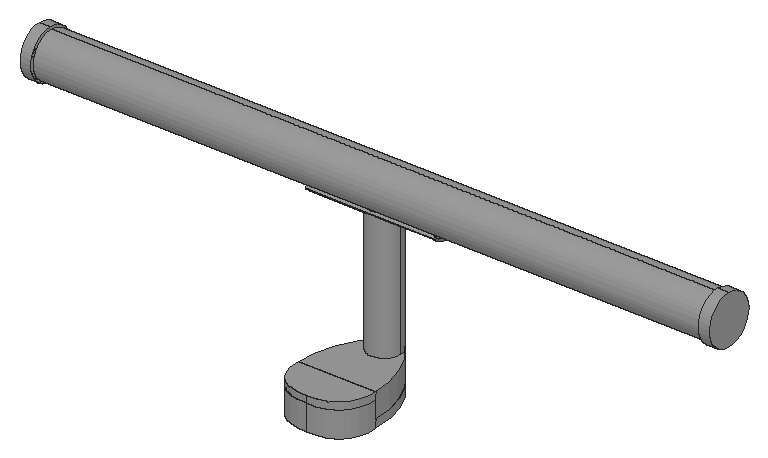
Revit family "0043210 Sylvania Lighting Fixture SYLMIRROR LED FLUTE IP44 NW Vertical mount", category Lighting Fixtures, host Face, Revit 2016
Family settings
  Host = Face
  Part Type = Normal
  Round Connector Dimension = Use Diameter
  OmniClass Number = 23.80.70.00
  OmniClass Title = Lighting
  Cut with Voids When Loaded = No
  Light Source = No
  Shared = No
  Room Calculation Point = No
Parameters (values of type "0043210 SYLMIRROR LED FLUTE IP44 NW Vertical mount")
  Weight = "0.606 kg"
  Wattage Comments = ""
  WarrantyStartDate [instance] = "n/a"
  WarrantyGuarantorParts = "n/a"
  WarrantyDurationUnit = "n/a"
  WarrantyDurationParts = "n/a"
  WarrantyDescription = "n/a"
  Voltage = 230 V
  URL = "http://www.sylvania-lighting.com"
  TypeName = "SYLMIRROR LED FLUTE IP44 NW Vertical mount"
  TypeHead_SYL = SylMirror LED Flute : 0043210 SylMirror LED Flute
  Type Image = <None>
  Type Comments = "n/a"
  SerialNumber [instance] = "n/a"
  Material_3_FEILO = none
  PowerFactor = 0
  PowerConsumption = "6 W"
  NominalLength = 400 mm
  NominalHeight = 52.6 mm
  NominalDepth = 115.3 mm
  Name = "SYLMIRROR LED FLUTE IP44 NW Vertical mount"
  ModelReference = Name  # "SYLMIRROR LED FLUTE IP44 NW Vertical mount"
  ModelNumber = "0043210"
  Model = Name  # "SYLMIRROR LED FLUTE IP44 NW Vertical mount"
  Material = "pc housing, pc diffuser"
  ManufacturerName = "Feilo Sylvania"
  Manufacturer = "Feilo Sylvania"
  LuminousEfficacy = "90 lm/W"
  LuminaireType = ""
  LightOutputRatio = "100"
  LampsType = Lamp  # "LED"
  LampNominalLuminous = "540 lm"
  LampMacAdamStep = "6"
  LampColourTemperature = "4000 K"
  LampColourRenderingIndex = "80"
  Lamp = "LED"
  Keynote = "16500"
  InstallationDate [instance] = "n/a"
  InputVoltage = "220-240V~"
  InputNominalFrequency = "50/60 Hz"
  IngressProtection = "IP44"
  ImpactProtectionIndex = "IK03"
  IfcExportType = "IfcLightFixtureType"
  IfcExportAs = "IfcLightFixtureType"
  ExpectedLife = 50000
  ElectricShockClassification = "Class II"
  DurationUnit = "hours"
  DocumentationLiterature = "http://www.sylvania-lighting.com/product/en-int/products/0043210"
  DimmingControlOptions = "n/a"
  Material_2_FEILO = Base-Sylvania-SylMirror
  Description = ""
  Default Elevation = 1219.2 mm
  CreatedOn = "7/17/2018"
  CreatedBy = "@sylvania-lighting.com"
  Cost = 0
  built-in parameter 1114216 [instance] = (empty or 0)
  ClassificationValue = "EF_70_80"
  ClassificationName = "Uniclass2015"
  Material_1_FEILO = BaseTop-Sylvania-SylMirror
  BarCode [instance] = "n/a"
  AssetType = "Fixed"
  AssetIdentifier [instance] = "n/a"
  Assembly Code = "D5020200"
  Apparent Load = 6 VA
  Material_4_FEILO = none
Reference planes
  plane 1 "Center (Front/Back)": y = 0
  plane 2: z = 0
  plane 3 "Center (Left/Right)": x = 0
  plane 4: z = 5
  plane 5: z = 0
  plane 6: z = 19
  plane 7: y = -10
  plane 8: x = 24
  plane 9: x = -24
  plane 10: y = 30
  plane 11: x = -22.5
  plane 12: x = 22.5
  plane 13: z = 15
  plane 14: y = -15
Forms (mm)
  Extrusion 1, solid, material "Base-Sylvania-SylMirror" <- "Material_2_FEILO"
    sketch origin (0, 0, 0) x (1, 0, 0) y (0, 1, 0)
      loop
        spline (-22.5, -10) -> (-22.344, -13.58) -> (-21.875, -16.849) -> (-21.094, -19.806) -> (-20, -22.452) -> (-18.594, -24.787) -> (-16.875, -26.81) -> (-14.844, -28.522) -> (-12.5, -29.923) -> (-9.844, -31.013) -> (-6.875, -31.791) -> (-3.594, -32.258) -> (0, -32.414)
        spline (0, -32.414) -> (3.594, -32.258) -> (6.875, -31.791) -> (9.844, -31.013) -> (12.5, -29.923) -> (14.844, -28.522) -> (16.875, -26.81) -> (18.594, -24.787) -> (20, -22.452) -> (21.094, -19.806) -> (21.875, -16.849) -> (22.344, -13.58) -> (22.5, -10)
        spline (22.5, -10) -> (22.41, -6.084) -> (22.14, -2.321) -> (21.691, 1.289) -> (21.062, 4.746) -> (20.253, 8.051) -> (19.264, 11.202) -> (18.095, 14.2) -> (16.747, 17.046) -> (15.219, 19.738) -> (13.511, 22.278) -> (11.624, 24.665) -> (9.556, 26.899)
        line (9.556, 26.899) -> (-9.556, 26.899)
        spline (-9.556, 26.899) -> (-11.624, 24.665) -> (-13.511, 22.278) -> (-15.219, 19.738) -> (-16.747, 17.046) -> (-18.095, 14.2) -> (-19.264, 11.202) -> (-20.253, 8.051) -> (-21.062, 4.746) -> (-21.691, 1.289) -> (-22.14, -2.321) -> (-22.41, -6.084) -> (-22.5, -10)
    from 0 to 15
  Extrusion 2, void
    sketch origin (1223.4, -4572, 5) x (-1, 0, 0) y (0, -1, 0)
      loop
        line (1247.4, -4602.37) -> (1247.4, -4562) -> (1199.4, -4562) -> (1199.4, -4602.37) -> (1247.4, -4602.37)
    from 0 to 14
  Extrusion 3, solid, material "BaseTop-Sylvania-SylMirror" <- "Material_1_FEILO"
    sketch origin (1223.4, -4572, 15) x (0, -1, 0) y (-1, 0, 0)
      loop
        spline (-4539.586, 1223.4) -> (-4539.742, 1226.994) -> (-4540.209, 1230.275) -> (-4540.987, 1233.244) -> (-4542.077, 1235.9) -> (-4543.478, 1238.244) -> (-4545.19, 1240.275) -> (-4547.213, 1241.994) -> (-4549.548, 1243.4) -> (-4552.194, 1244.494) -> (-4555.151, 1245.275) -> (-4558.42, 1245.744) -> (-4562, 1245.9)
        line (-4562, 1245.9) -> (-4562, 1200.9)
        spline (-4562, 1200.9) -> (-4558.42, 1201.056) -> (-4555.151, 1201.525) -> (-4552.194, 1202.306) -> (-4549.548, 1203.4) -> (-4547.213, 1204.806) -> (-4545.19, 1206.525) -> (-4543.478, 1208.556) -> (-4542.077, 1210.9) -> (-4540.987, 1213.556) -> (-4540.209, 1216.525) -> (-4539.742, 1219.806) -> (-4539.586, 1223.4)
    from 0 to -4
Cuts and joins
  Extrusion 2 cuts Extrusion 1
Dimensions and locks
  locked: plane 4 to plane 2 at 5
  locked: plane 6 to plane 4 at 14
  locked: plane 7 to plane 1 "Center (Front/Back)" at 10
  locked: plane 7 to plane 10 at 40
  plane 9 to plane 3 "Center (Left/Right)" to plane 8 = 24 mm locked, 24 mm locked
  locked: plane 6 to plane 13 at 4
  locked: plane 14 to plane 7 at 5
  aligned and locked: plane 2 to host face
  aligned and locked: level to host face
  aligned and locked: Extrusion 1 to level
  aligned and locked: plane 9 to Extrusion 2 sketch curve
  aligned and locked: Extrusion 2 sketch curve to plane 7
  aligned and locked: Extrusion 2 sketch curve to plane 8
  aligned and locked: Extrusion 2 to plane 6
  aligned and locked: plane 4 to Extrusion 2
  aligned and locked: Extrusion 1 to plane 13
  aligned and locked: Extrusion 3 sketch curve to cut or joined group of Extrusion 1, Extrusion 2
  aligned and locked: Extrusion 3 to plane 6
  aligned and locked: Extrusion 3 to cut or joined group of Extrusion 1, Extrusion 2
  aligned and locked: plane 3 "Center (Left/Right)" to nested 1
  aligned and locked: plane 4 to nested 1
Nested families
  nested 1: "SylMirror LED Flute" at (0, -10, 12) x (1, 0, 0) z (0, 1, 0), type <- "TypeHead_SYL", type "0043210 SylMirror LED Flute"
    with built-in parameter 1114216 (empty or 0)
Connectors
  electrical at (0, 0, 0), driven by "Apparent Load", driven by "PowerFactor", driven by "Voltage"
    settings: index 1, voltage 230 V, apparent load 6 VA, apparent load phase1 0 VA, apparent load phase2 0 VA, apparent load phase3 0 VA, power factor 0, load classification "Lighting", number of poles 1, system type 30, power factor state 1, is connector primary yes, connector utility no, sub classification motor no, connector description ""
Definition of nested family "SylMirror LED Flute"
  Parameters (values of type "0043210 SylMirror LED Flute")
    Wattage Comments = ""
    Wattage = 6 W
    built-in parameter 1150110 = 1 (stored number, unit not read)
    URL = "http://www.feilosylvania.com"
    Type Image = (empty or 0)
    Type Comments = "n/a"
    built-in parameter 1114217 = 1 (stored number, unit not read)
    Tilt Angle = -90.00°
    built-in parameter 1150109 = 1 (stored number, unit not read)
    built-in parameter 1150134 = 12
    built-in parameter 1150113 = 1 (stored number, unit not read)
    Photometric Web File = "0043210.IES"
    built-in parameter 1150142 = "﻿IESNA:LM-63-1995\r\n[TEST] 197208\r\n[DATE] 2017/9/27\r\n[MANUFAC] Feilo Sylvania\r\n[LUMCAT] W400S26-1  chorme 4000K\r\n[LUMINAIRE] \r\n[LAMPCAT] \r\n[LAMP] \r\nTILT=NONE\r\n1 -1 1.0 37 13 1 2 0.026 0.390 0.010\r\n1 1 5.939\r\n0.0 5.0 10.0 15.0 20.0 25.0 30.0 35.0 40.0 45.0 50.0 55.0 60.0 65.0 70.0 75.0 80.0 85.0 90.0 95.0 100.0 105.0 110.0 115.0 120.0 125.0 130.0 135.0 140.0 145.0 150.0 155.0 160.0 165.0 170.0 175.0 180.0\r\n0.0 15.0 30.0 45.0 60.0 75.0 90.0 105.0 120.0 135.0 150.0 165.0 180.0 \r\n103.374 104.863 107.694 105.757 103.523 101.735 100.395 99.948 96.820 94.139 92.053 89.372 87.138 84.010 80.882 77.456 74.924 70.604 65.093 62.263 59.284 50.942 0.149 37.387 42.303 41.260 37.238 23.684 0.149 0.894 13.555 16.087 12.810 8.937 2.830 0.447 \r\n0.000\r\n105.459 103.672 104.268 103.225 102.331 100.842 99.203 96.969 94.586 93.692 91.011 86.691 83.414 81.478 77.009 75.520 70.753 66.582 64.199 59.730 56.900 40.813 0.596 43.643 40.962 38.132 34.557 15.640 0.298 2.532 14.597 15.938 12.959 7.746 4.320 1.787 \r\n0.000\r\n106.204 105.310 105.906 103.523 102.629 99.203 97.714 93.841 91.607 88.032 83.861 79.690 77.605 72.689 68.370 65.093 62.263 59.879 55.411 53.325 46.920 15.789 8.044 38.281 36.196 32.621 26.365 0.000 0.894 11.469 16.683 13.406 8.937 7.746 5.064 1.192 0.447\r\n106.204 107.396 105.608 104.417 100.544 97.714 93.543 90.266 85.797 80.286 75.817 71.498 67.327 61.667 57.049 54.368 49.304 46.474 44.388 38.877 33.961 0.149 30.536 29.940 27.854 21.151 0.447 0.596 13.853 15.342 12.065 11.023 8.639 5.809 4.469 1.192 0.298\r\n105.012 105.161 104.417 102.629 99.054 93.990 89.372 83.265 78.797 74.626 67.774 60.624 56.156 49.155 44.537 38.728 34.408 30.387 28.450 24.131 0.894 17.428 21.002 17.725 0.894 2.234 12.810 14.449 12.959 10.576 8.788 7.895 5.809 5.660 1.787 1.341 0.000\r\n105.012 103.374 102.331 100.246 96.522 91.011 85.351 80.435 74.179 65.689 59.135 52.581 44.239 37.834 30.536 24.131 18.023 15.491 12.065 9.980 4.171 4.767 6.107 8.639 7.150 7.001 7.895 8.937 8.192 4.915 3.724 4.320 4.618 2.085 1.787 0.149 0.894\r\n103.970 103.374 103.076 97.714 96.820 90.564 84.904 78.052 71.200 62.858 57.794 48.559 42.005 31.578 26.216 17.874 9.235 4.767 0.000 0.894 2.681 0.000 0.000 0.000 1.490 0.000 0.000 0.894 0.596 1.192 0.000 0.000 0.000 0.000 0.000 0.894 0.894\r\n105.012 103.374 102.331 100.246 96.522 91.011 85.351 80.435 74.179 65.689 59.135 52.581 44.239 37.834 30.536 24.131 18.023 15.491 12.065 9.980 4.171 4.767 6.107 8.639 7.150 7.001 7.895 8.937 8.192 4.915 3.724 4.320 4.618 2.085 1.787 0.149 0.894\r\n105.012 105.161 104.417 102.629 99.054 93.990 89.372 83.265 78.797 74.626 67.774 60.624 56.156 49.155 44.537 38.728 34.408 30.387 28.450 24.131 0.894 17.428 21.002 17.725 0.894 2.234 12.810 14.449 12.959 10.576 8.788 7.895 5.809 5.660 1.787 1.341 0.000\r\n106.204 107.396 105.608 104.417 100.544 97.714 93.543 90.266 85.797 80.286 75.817 71.498 67.327 61.667 57.049 54.368 49.304 46.474 44.388 38.877 33.961 0.149 30.536 29.940 27.854 21.151 0.447 0.596 13.853 15.342 12.065 11.023 8.639 5.809 4.469 1.192 0.298\r\n106.204 105.310 105.906 103.523 102.629 99.203 97.714 93.841 91.607 88.032 83.861 79.690 77.605 72.689 68.370 65.093 62.263 59.879 55.411 53.325 46.920 15.789 8.044 38.281 36.196 32.621 26.365 0.000 0.894 11.469 16.683 13.406 8.937 7.746 5.064 1.192 0.447\r\n105.459 103.672 104.268 103.225 102.331 100.842 99.203 96.969 94.586 93.692 91.011 86.691 83.414 81.478 77.009 75.520 70.753 66.582 64.199 59.730 56.900 40.813 0.596 43.643 40.962 38.132 34.557 15.640 0.298 2.532 14.597 15.938 12.959 7.746 4.320 1.787 \r\n0.000\r\n103.374 104.863 107.694 105.757 103.523 101.735 100.395 99.948 96.820 94.139 92.053 89.372 87.138 84.010 80.882 77.456 74.924 70.604 65.093 62.263 59.284 50.942 0.149 37.387 42.303 41.260 37.238 23.684 0.149 0.894 13.555 16.087 12.810 8.937 2.830 0.447 \r\n0.000\r\n"
    Material_3_SYL = none
    Model = ""
    Manufacturer = "Feilo Sylvania"
    built-in parameter 1150105 = 42.972 (stored number, unit not read)
    Lumens = 540 lm
    built-in parameter 1150115 = 1 (stored number, unit not read)
    built-in parameter 1150137 = (empty or 0)
    built-in parameter 1150139 = (empty or 0)
    built-in parameter 1150112 = 1 (stored number, unit not read)
    built-in parameter 1150114 = 1 (stored number, unit not read)
    Lamp = ""
    Keynote = "16500"
    Material_2_SYL = none
    built-in parameter 1150132 = (empty or 0)
    built-in parameter 1150102 = (empty or 0)
    built-in parameter 1150107 = 4000 (stored number, unit not read)
    built-in parameter 1150138 = (empty or 0)
    built-in parameter 1150106 = 0.42972 (stored number, unit not read)
    Emit from Rectangle Width = 388 mm
    Emit from Rectangle Length = 20 mm
    Emit Shape Visible in Rendering = no
    built-in parameter 1150104 = 8.3613 (stored number, unit not read)
    Dimming Lamp Color Temperature Shift = (empty or 0)
    Description = ""
    Default Elevation = 1219.2 mm
    Cost = 0
    Color Filter = 16777215
    built-in parameter 1114216 [instance] = (empty or 0)
    ClassificationValue_old = "EF_70_80"
    ClassificationName_old = "Uniclass2015"
    Material_1_SYL = none
    built-in parameter 1114218 = 1 (stored number, unit not read)
    built-in parameter 1150133 = 10 (stored number, unit not read)
    Assembly Code = "D5020200"
    Apparent Load = 6 VA
    Material_4_SYL = none
  Types (2, lengths in mm): name | built-in parameter 1150134 | Photometric Web File | built-in parameter 1150107
    0043210 SylMirror LED Flute | 12 | "0043210.IES" | 4000 (stored number, unit not read)
    0043235 SylMirror LED Flute | (empty or 0) | "0043235.IES" | 3000 (stored number, unit not read)
  Reference planes
    plane 1 "Center (Front/Back)": y = 0
    plane 2: z = 0
    plane 3 "Center (Left/Right)": x = 0
    plane 4: x = 200
    plane 5: x = -200
    plane 6: y = 7
    plane 7: y = -7
    plane 8: y = -106
    plane 9: y = -91.9
    plane 10: z = 34
    plane 11: z = 43.5
    plane 12: z = 24.5
    plane 13: z = 47
    plane 14: z = 21
    plane 15: z = 48.1
    plane 16: z = 19.9
    plane 17: y = -104.9
    plane 18: x = 193.7
    plane 19: x = -193.7
    plane 20: x = 22.5
    plane 21: x = -22.5
    plane 22: z = 40.5
    plane 23: y = -58.5
    plane 24: x = 37.5
    plane 25: x = -37.5
    plane 26: y = -76.9
    plane 27: y = -78.9
    plane 28: y = -82.9
  Forms (mm)
    Extrusion 1, solid
      sketch origin (4.2, 0, 0) x (1, 0, 0) y (0, 1, 0)
        loop
          line (-1219.2, 1219.2) -> (-1219.2, -1219.2) -> (1219.2, -1219.2) -> (1219.2, 1219.2) -> (-1219.2, 1219.2)
      from 0 to -68.017
    Extrusion 2, solid, material <- "Material_1_SYL"
      sketch origin (1524, -7, 1219.2) x (1, 0, 0) y (0, 0, 1)
        loop
          line (-1546.5, -1219.2) -> (-1501.5, -1219.2)
          arc (-1501.5, -1219.2) -> (-1505.527, -1197.505) -> (-1517.072, -1178.7) r 60.453
          arc (-1517.072, -1178.7) -> (-1524, -1175.7) -> (-1530.928, -1178.7) r 9.5
          arc (-1530.928, -1178.7) -> (-1542.473, -1197.505) -> (-1546.5, -1219.2) r 60.453
      from 0 to -14
    Extrusion 3, solid, material <- "Material_2_SYL"
      sketch origin (0, 0, 0) x (0, 1, 0) y (0, 0, 1)
        loop
          circle (-91.9, 34) r 13
      from -193.7 to 193.7
    Extrusion 4, solid, material <- "Material_1_SYL"
      sketch origin (-200, 1524, 1219.2) x (0, 1, 0) y (0, 0, 1)
        loop
          circle (-1615.9, -1185.2) r 14.1
      from 0 to 6.3
    Extrusion 5, solid, material <- "Material_1_SYL"
      sketch origin (200, 1524, 1219.2) x (0, 1, 0) y (0, 0, 1)
        loop
          circle (-1615.9, -1185.2) r 14.1
      from 0 to -6.3
    Extrusion 6, solid, material <- "Material_1_SYL"
      sketch origin (1524, -7, 1219.2) x (1, 0, 0) y (0, 0, 1)
        loop
          circle (-1524, -1185.2) r 9.5
      from 0 to 75.9
    Revolve 7, solid, material <- "Material_1_SYL"
      sketch origin (0, 1219.825, 34) x (1, 0, 0) y (0, 1, 0)
        loop
          arc (-36.5, -1296.725) -> (-37.207, -1297.018) -> (-37.5, -1297.725) r 1
          line (-37.5, -1297.725) -> (-37.5, -1298.725) -> (37.5, -1298.725) -> (37.5, -1297.725)
          arc (37.5, -1297.725) -> (37.207, -1297.018) -> (36.5, -1296.725) r 1
          line (36.5, -1296.725) -> (-36.5, -1296.725)
        axis (37.5, -1311.725) -> (-37.5, -1311.725)
      angle from -45 to 45
  Cuts and joins
    joined: Extrusion 6, Revolve 7
  Lines and regions (mm)
    reference lines
      curve 1: circle (0, -7, 34) r 9.5 normal (0, -1, 0)
  Dimensions and locks
    plane 7 to plane 1 "Center (Front/Back)" to plane 6 = 7 mm locked, 7 mm locked
    plane 5 to plane 3 "Center (Left/Right)" to plane 4 = 200 mm locked, 200 mm locked
    equal spacing: plane 7, plane 1 "Center (Front/Back)", plane 6
    plane 7 to plane 6 = 14 mm
    locked: plane 8 to plane 6 at 113
    locked: plane 8 to plane 9 at 14.1
    locked: plane 10 to level at 34
    equal spacing: plane 14, plane 10, plane 13
    locked: plane 14 to plane 13 at 26
    equal spacing: plane 12, plane 10, plane 11
    locked: plane 12 to plane 11 at 19
    equal spacing: plane 16, plane 10, plane 15
    locked: plane 16 to plane 15 at 28.2
    locked: plane 8 to plane 17 at 1.1
    plane 5 to plane 4 = 400 mm
    locked: plane 5 to plane 19 at 6.3
    equal spacing: plane 19, plane 3 "Center (Left/Right)", plane 18
    plane 20 to plane 3 "Center (Left/Right)" to plane 21 = 22.5 mm locked, 22.5 mm locked
    locked: plane 11 to plane 22 at 3
    locked: plane 23 to plane 7 at 51.5
    plane 24 to plane 3 "Center (Left/Right)" to plane 25 = 37.5 mm locked, 37.5 mm locked
    locked: plane 9 to plane 26 at 15
    locked: plane 27 to plane 26 at 2
    locked: Revolve 7 sketch curve to plane 24 at 1
    locked: Revolve 7 sketch curve to plane 26 at 1  (x2)
    locked: plane 25 to Revolve 7 sketch curve at 1
    locked: plane 9 to plane 28 at 9
    aligned and locked: plane 2 to Extrusion 1
    aligned and locked: level to Extrusion 1
    aligned and locked: plane 3 "Center (Left/Right)" to curve 1
    aligned and locked: plane 10 to curve 1
    aligned and locked: plane 22 to Extrusion 2 sketch curve
    aligned and locked: plane 2 to Extrusion 2 sketch curve
    aligned and locked: Extrusion 2 to plane 6
    aligned and locked: plane 7 to Extrusion 2
    aligned and locked: plane 9 to Extrusion 3 sketch curve
    aligned and locked: plane 10 to Extrusion 3 sketch curve
    aligned and locked: plane 18 to Extrusion 3
    aligned and locked: Extrusion 3 to plane 19
    aligned and locked: plane 9 to Extrusion 4 sketch curve
    aligned and locked: plane 10 to Extrusion 4 sketch curve
    aligned and locked: plane 19 to Extrusion 4
    aligned and locked: Extrusion 4 to plane 5
    aligned and locked: Extrusion 5 sketch curve to Extrusion 4  (x2)
    aligned and locked: Extrusion 5 to plane 18
    aligned and locked: plane 4 to Extrusion 5
    aligned and locked: Extrusion 6 sketch curve to curve 1
    aligned and locked: Extrusion 6 to plane 7
    aligned and locked: plane 26 to Revolve 7 sketch curve
    aligned and locked: plane 25 to Revolve 7 sketch curve
    aligned and locked: Revolve 7 sketch curve to plane 27
    aligned and locked: Revolve 7 sketch curve to plane 24
    aligned and locked: Revolve 7 sketch curve to plane 9
    aligned and locked: plane 28 to Extrusion 6
    aligned and locked: plane 3 "Center (Left/Right)" to imposter light
    aligned and locked: plane 10 to imposter light
  Automatic sketch dimensions
    Extrusion 1 sketch curve to Extrusion 1 sketch curve = 2438.4 mm  (x2)
    Extrusion 2 sketch curve to plane 21 = 0 mm
    Extrusion 2 sketch curve to plane 3 "Center (Left/Right)" = 0 mm
    Extrusion 2 sketch curve to plane 22 = 0 mm
    Extrusion 2 sketch curve to plane 20 = 0 mm
    Extrusion 2 sketch curve to plane 10 = 0 mm
    Extrusion 2 sketch curve to Extrusion 2 sketch curve = 15.453 mm
    Revolve 7 sketch curve to plane 5 = 1334.635 mm
    plane 4 to Revolve 7 sketch curve = 1459.773 mm
    radius of curve 1 = 9.5 mm
    radius of Extrusion 3 sketch curve = 13 mm
    radius of Extrusion 4 sketch curve = 14.1 mm
